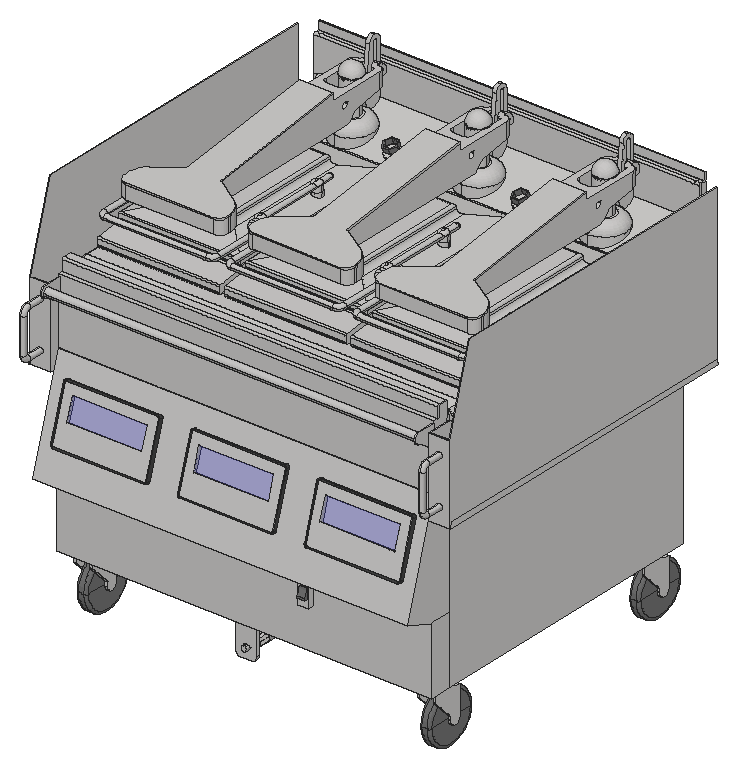
Revit family "QF_Garland_XPE36_cat", category Specialty Equipment, Revit 2014 (continued)
Definition of nested family "QF_Garland_Clamshell"
  Automatic sketch dimensions
    plane 21 "Inner Right Support" to Extrusion 3 sketch curve = 0.81"
    Extrusion 3 sketch curve to Extrusion 3 sketch curve = 0.39102"
    Extrusion 3 sketch curve to Extrusion 3 sketch curve = 0.13"
    Extrusion 3 sketch curve to plane 4 "RIGHT" = 0.10166"
    Extrusion 3 sketch curve to plane 12 "Middle Press" = 0.3668"  (x2)
    Extrusion 16 sketch curve to plane 23 "2a" = 0"  (x4)
    Extrusion 16 sketch curve to plane 21 "Inner Right Support" = 0"
    Extrusion 16 sketch curve to plane 20 "Inner Left Support" = 0"
    Extrusion 16 sketch curve to plane 22 "1a" = 0"  (x3)
    Extrusion 16 sketch curve to plane 11 "Inner Right" = 0.1"
    Extrusion 16 sketch curve to plane 11 "Inner Right" = 0.20095"
    Extrusion 16 sketch curve to Extrusion 16 sketch curve = 1"
    plane 10 "Inner Left" to Extrusion 16 sketch curve = 1.1"
    plane 10 "Inner Left" to Extrusion 16 sketch curve = 0.20095"
    plane 10 "Inner Left" to Extrusion 16 sketch curve = 0.1"
    plane 15 "1" to Extrusion 16 sketch curve = 1.33867"  (x2)
    Extrusion 16 sketch curve to Extrusion 16 sketch curve = 1.49045"  (x2)
    Extrusion 16 sketch curve to Extrusion 16 sketch curve = 0.25815"  (x2)
    Extrusion 16 sketch curve to Extrusion 16 sketch curve = 0"  (x4)
    Extrusion 17 sketch curve to Extrusion 17 sketch curve = 0"  (x11)
    plane 1 "BACK" to Extrusion 17 sketch curve = 0"  (x3)
    Extrusion 17 sketch curve to plane 21 "Inner Right Support" = 0"  (x2)
    Extrusion 17 sketch curve to plane 8 = 0"
    Extrusion 17 sketch curve to plane 7 "Support left" = 0"
    Extrusion 17 sketch curve to plane 20 "Inner Left Support" = 0"  (x2)
    Extrusion 17 sketch curve to plane 21 "Inner Right Support" = 0.59"  (x2)
    Extrusion 17 sketch curve to Extrusion 17 sketch curve = 0.065"  (x2)
    Extrusion 17 sketch curve to Extrusion 17 sketch curve = 0.13"  (x4)
    plane 8 to Extrusion 17 sketch curve = 0.59"
    plane 8 to Extrusion 17 sketch curve = 0.285"
    plane 8 to Extrusion 17 sketch curve = 0.13"
    plane 8 to Extrusion 17 sketch curve = 0.06523"
    Extrusion 17 sketch curve to plane 7 "Support left" = 0.06523"
    Extrusion 17 sketch curve to plane 7 "Support left" = 0.285"
    Extrusion 17 sketch curve to Extrusion 17 sketch curve = 0.46"
    Extrusion 17 sketch curve to plane 7 "Support left" = 0.655"
    plane 1 "BACK" to Extrusion 17 sketch curve = 0.87"
    Extrusion 17 sketch curve to Extrusion 17 sketch curve = 0.00082"  (x2)
    Extrusion 17 sketch curve to Extrusion 17 sketch curve = 0.12918"  (x2)
    Extrusion 17 sketch curve to Extrusion 17 sketch curve = 0.2518"  (x2)
    Extrusion 17 sketch curve to Extrusion 17 sketch curve = 0.71833"  (x2)
    Extrusion 17 sketch curve to plane 9 "Back of Press" = 0.89967"
    plane 12 "Middle Press" to Revolve 20 sketch curve = 0"  (x2)
    plane 18 "1c" to Revolve 20 sketch curve = 0"  (x2)
    Revolve 20 sketch curve to plane 9 "Back of Press" = 2.768"
    plane 13 "Top Tube" to Revolve 20 sketch curve = 0.10029"
    Revolve 20 sketch curve to Revolve 20 sketch curve = 1"
    Revolve 20 sketch curve to Revolve 20 sketch curve = 0"
    Extrusion 15 to Extrusion 25 sketch curve = 0"  (x2)
    Extrusion 25 sketch curve to Extrusion 15 = 0"
    Extrusion 15 to Extrusion 25 sketch curve = 3.34"
    Extrusion 25 sketch curve to Extrusion 15 = 13.34782"
    Extrusion 15 to Extrusion 25 sketch curve = 1.49838"  (x2)
    Extrusion 15 to Extrusion 25 sketch curve = 0.0003"
    Extrusion 15 to Extrusion 25 sketch curve = 1.01555"  (x2)
    Extrusion 15 to Extrusion 25 sketch curve = 0.75"  (x2)
    Extrusion 15 to Extrusion 25 sketch curve = 0.85605"  (x2)
    Extrusion 25 sketch curve to Extrusion 25 sketch curve = 3.12"
    Extrusion 15 to Extrusion 25 sketch curve = 1.7703"
    curve 10 to curve 21 = 0"  (x2)
    curve 13 to curve 27 = 0"  (x2)
    curve 17 to curve 18 = 0"  (x2)
    curve 17 to curve 35 = 0"  (x2)
    curve 7 to plane 4 "RIGHT" = 0"
    plane 6 "FRONT" to curve 5 = 0"
    curve 86 to plane 23 "2a" = 0"
    plane 15 "1" to curve 42 = 0"
    plane 14 "2" to curve 43 = 0"
    plane 6 "FRONT" to curve 4 = 0"
    curve 43 to plane 11 "Inner Right" = 0"
    curve 42 to plane 11 "Inner Right" = 0"
    curve 47 to plane 11 "Inner Right" = 0"
    curve 92 to plane 21 "Inner Right Support" = 0"
    plane 1 "BACK" to curve 16 = 0"
    curve 34 to plane 8 = 0"
    curve 70 to plane 3 "CNTR LR" = 0"
    curve 36 to plane 3 "CNTR LR" = 0"
    curve 31 to plane 7 "Support left" = 0"
    curve 92 to plane 20 "Inner Left Support" = 0"
    plane 14 "2" to curve 37 = 0"
    plane 15 "1" to curve 40 = 0"
    curve 40 to plane 10 "Inner Left" = 0"
    curve 38 to plane 10 "Inner Left" = 0"
    curve 61 to plane 10 "Inner Left" = 0"
    curve 88 to plane 22 "1a" = 0"
    plane 6 "FRONT" to curve 3 = 0"
    curve 3 to plane 5 "LEFT" = 0"
    plane 9 "Back of Press" to curve 9 = 0"
    plane 9 "Back of Press" to curve 82 = 0"
    curve 53 to plane 4 "RIGHT" = 0.15977"
    curve 48 to plane 4 "RIGHT" = 0.30622"
    plane 23 "2a" to curve 54 = 0.19023"
    plane 23 "2a" to curve 52 = 0.15828"
    plane 23 "2a" to curve 51 = 0.10507"
    plane 23 "2a" to curve 49 = 0.01183"
    plane 23 "2a" to curve 85 = 0.0028"
    curve 57 to plane 23 "2a" = 0.16938"
    curve 48 to plane 23 "2a" = 0.24848"
    curve 58 to curve 56 = 0.17234"
    plane 11 "Inner Right" to curve 55 = 0.30828"
    plane 11 "Inner Right" to curve 80 = 0.25507"
    plane 11 "Inner Right" to curve 46 = 0.25507"
    curve 51 to curve 50 = 0.01015"
    curve 87 to plane 11 "Inner Right" = 0.1"
    curve 49 to plane 11 "Inner Right" = 0.10863"
    curve 83 to plane 11 "Inner Right" = 0.20246"
    curve 79 to plane 11 "Inner Right" = 0.25507"
    curve 86 to curve 84 = 1.00159"
    curve 28 to plane 21 "Inner Right Support" = 0.59"
    curve 26 to plane 21 "Inner Right Support" = 0.59"
    curve 28 to curve 14 = 0.065"
    curve 26 to curve 13 = 0.13"
    curve 16 to curve 34 = 0.59"
    plane 8 to curve 24 = 0.285"
    plane 8 to curve 30 = 0.13"
    plane 8 to curve 29 = 0.06523"
    curve 20 to plane 7 "Support left" = 0.06523"
    curve 31 to plane 7 "Support left" = 0.13"
    curve 23 to plane 7 "Support left" = 0.285"
    curve 16 to plane 7 "Support left" = 0.59"
    curve 10 to plane 7 "Support left" = 0.655"
    curve 12 to curve 11 = 0.13"
    curve 11 to curve 19 = 0.065"
    curve 23 to curve 22 = 0.5"
    plane 10 "Inner Left" to curve 90 = 1.1"
    plane 10 "Inner Left" to curve 75 = 0.25507"
    plane 10 "Inner Left" to curve 59 = 0.25507"
    plane 10 "Inner Left" to curve 91 = 0.20095"
    plane 10 "Inner Left" to curve 63 = 0.10863"
    plane 10 "Inner Left" to curve 87 = 0.1"
    curve 64 to plane 10 "Inner Left" = 0.24493"
    curve 64 to curve 74 = 0.01015"
    curve 4 to plane 10 "Inner Left" = 0.30828"
    curve 69 to plane 10 "Inner Left" = 0.30828"
    curve 64 to curve 62 = 0.15659"
    plane 22 "1a" to curve 71 = 0.16938"
    plane 22 "1a" to curve 89 = 0.0003"
    curve 63 to plane 22 "1a" = 0.01183"
    curve 65 to plane 22 "1a" = 0.10507"
    curve 66 to plane 22 "1a" = 0.15828"
    curve 66 to curve 68 = 0.03195"
    plane 5 "LEFT" to curve 62 = 0.30622"
    plane 5 "LEFT" to curve 67 = 0.15977"
    plane 1 "BACK" to curve 31 = 0.87"
    curve 31 to curve 30 = 0"
    curve 31 to curve 12 = 0.00082"
    curve 30 to curve 15 = 0.00082"
    curve 11 to curve 19 = 0.12918"
    curve 14 to curve 28 = 0.12918"
    curve 30 to curve 29 = 0.2518"
    curve 31 to curve 20 = 0.2518"
    curve 20 to curve 32 = 0.5082"
    curve 32 to curve 10 = 0.08833"
    curve 33 to curve 27 = 0.08833"
    curve 33 to curve 36 = 1.43"
    curve 35 to curve 9 = 1.25156"
    curve 36 to curve 8 = 1.25156"
    curve 25 to plane 9 "Back of Press" = 0.89967"
    curve 45 to plane 14 "2" = 1.43964"
    curve 61 to curve 38 = 1.43964"
    plane 15 "1" to curve 65 = 0.77488"
    plane 15 "1" to curve 80 = 0.77488"
    curve 65 to curve 75 = 0.20387"
    curve 51 to curve 79 = 0.20387"
    plane 15 "1" to curve 82 = 1.33867"
    plane 15 "1" to curve 81 = 1.33867"
    curve 48 to curve 48 = 0.79226"
    curve 62 to curve 62 = 0.79226"
    curve 63 to curve 68 = 0.17148"
    curve 49 to curve 54 = 0.17148"
    curve 69 to curve 91 = 0.37279"
    curve 55 to curve 83 = 0.38019"
    curve 91 to curve 90 = 1.50141"
    curve 89 to curve 88 = 0.22584"
    curve 76 to curve 71 = 0.14039"
    curve 5 to plane 4 "RIGHT" = 0.25"
    curve 42 to plane 23 "2a" = 0.15"
    curve 43 to plane 23 "2a" = 0.15"
    plane 11 "Inner Right" to curve 78 = 0.25507"
    curve 77 to plane 11 "Inner Right" = 0.25507"
    curve 13 to plane 21 "Inner Right Support" = 0.00492"
    curve 36 to plane 21 "Inner Right Support" = 0.56"
    curve 28 to curve 27 = 0"
    curve 29 to curve 28 = 0"
    curve 20 to curve 31 = 0"
    curve 19 to curve 20 = 0"
    curve 10 to curve 11 = 0"
    curve 37 to curve 59 = 0.24493"
    curve 40 to curve 75 = 0.24493"
    plane 10 "Inner Left" to curve 72 = 0.25507"
    curve 73 to plane 10 "Inner Left" = 0.25507"
    plane 5 "LEFT" to curve 3 = 0.25"
    curve 92 to plane 17 = 0.1107"
    plane 14 "2" to curve 78 = 0.40449"
    plane 15 "1" to curve 75 = 0.40713"
    curve 88 to curve 89 = 0.02121"
    curve 86 to curve 85 = 0.02121"
    plane 19 "1b" to Extrusion 26 sketch curve = 0"
    Extrusion 26 sketch curve to plane 15 "1" = 0"
    Extrusion 26 sketch curve to plane 24 = 0"
    Extrusion 26 sketch curve to plane 6 "FRONT" = 1.328"
    Extrusion 26 sketch curve to Extrusion 26 sketch curve = 0.01571"
    Extrusion 26 sketch curve to plane 14 "2" = 2.47448"
    Extrusion 26 sketch curve to plane 17 = 0.09499"
    Extrusion 26 sketch curve to plane 17 = 0.1107"
    Extrusion 26 sketch curve to Extrusion 26 sketch curve = 0.25"
    plane 1 "BACK" to Extrusion 26 sketch curve = 1.30449"
    plane 1 "BACK" to Extrusion 26 sketch curve = 1.13"
    plane 1 "BACK" to Extrusion 26 sketch curve = 0.565"
    Extrusion 26 sketch curve to plane 19 "1b" = 1.25"
    Extrusion 26 sketch curve to Extrusion 26 sketch curve = 0.12905"
    Extrusion 26 sketch curve to Extrusion 26 sketch curve = 0.6"
    Extrusion 26 sketch curve to Extrusion 26 sketch curve = 1.635"
    radius of Extrusion 5 sketch curve = 0.5"  (x4)
    radius of Extrusion 5 sketch curve = 0.44"  (x4)
    radius of Extrusion 6 sketch curve = 0.44"  (x4)
    radius of Extrusion 6 sketch curve = 0.38"  (x4)
    radius of Sweep 11 sketch curve = 0.25"
    radius of Revolve 12 sketch curve to Sweep 11 = 0"
    radius of Revolve 13 sketch curve to Sweep 11 = 0"
    radius of Extrusion 14 sketch curve = 0.15"
    radius of Extrusion 14 sketch curve = 0.32822"
    radius of Extrusion 19 sketch curve = 0.12"
    radius of Extrusion 21 sketch curve = 0.75"
    radius of Extrusion 22 sketch curve = 1"
    radius of Revolve 23 sketch curve to Extrusion 22 = 0"
Definition of nested family "QF_Garland_Grease-Drawer-Flared"
  Parameters (values of type "QF_Garland_Grease-Drawer-Flared")
    Width = 2"
    Watermarked By = ""
    Height = 15"
    Description = ""
    Depth = 31.512"
  Reference planes (in)
    plane 1 "BACK": y = 0
    plane 2: z = 0
    plane 3 "LEFT": x = -16.56573
    plane 4: z = 15
    plane 5 "RIGHT": x = -14.56573
    plane 6 "FRONT": y = -31.512
    plane 7: z = 7.375
    plane 8 "CNTR LR": x = -15.56573
  Forms (in)
    Extrusion 1, solid, material "QF_Stainless-Polished-Brushed"
      sketch origin (-14.56573, 0, 0) x (0, 1, 0) y (0, 0, 1)
        loop
          line (-31.512, 0) -> (0, 0) -> (-0.15287, 0.5) -> (-31.35913, 0.5) -> (-31.512, 0)
      from 0 to 0.06
    Extrusion 2, solid, material "QF_Stainless-Polished-Brushed"
      sketch origin (0, 0, 0) x (1, 0, 0) y (0, 1, 0)
        loop
          line (-16.56573, 0) -> (-16.56573, -31.512) -> (-14.56573, -31.512) -> (-14.56573, 0) -> (-16.56573, 0)
        loop
          line (-16.43573, -0.13) -> (-16.43573, -31.382) -> (-14.69573, -31.382) -> (-14.69573, -0.13) -> (-16.43573, -0.13)
      from 0 to 7.375
    Extrusion 3, solid, material "QF_Stainless-Polished-Brushed"
      sketch origin (0, 0, 0) x (1, 0, 0) y (0, 1, 0)
        loop
          line (-16.43573, -0.13) -> (-16.43573, -31.382) -> (-14.69573, -31.382) -> (-14.69573, -0.13) -> (-16.43573, -0.13)
      from 0 to 0.13
    Sweep 4, solid, material "QF_Stainless-Polished-Brushed"
      path origin (-15.56573, 0, 0) x (0, 1, 0) y (0, 0, 1)
        loop
          line (-31.512, 1.5) -> (-33.012, 1.5)
          arc (-33.012, 1.5) -> (-33.36555, 1.64645) -> (-33.512, 2) r 0.5
          line (-33.512, 2) -> (-33.512, 5.375)
          arc (-33.512, 5.375) -> (-33.36555, 5.72855) -> (-33.012, 5.875) r 0.5
          line (-33.012, 5.875) -> (-31.512, 5.875)
      profile origin (-15.56573, -32.262, 1.5) x (0, 0, -1) y (1, 0, 0)
        loop
          circle (0, 0) r 0.25
    Extrusion 5, solid, material "QF_Stainless-Polished-Brushed"
      sketch origin (0, 0, 0) x (1, 0, 0) y (0, 0, 1)
        loop
          line (-14.56573, 7.375) -> (-13.35804, 15) -> (-13.48966, 15) -> (-14.69735, 7.375) -> (-14.56573, 7.375)
      from 0 to 31.512
    Extrusion 6, void
      sketch origin (-16.56573, 0, 0) x (0, 1, 0) y (0, 0, 1)
        loop
          line (-29.1808, 15) -> (-31.512, 15) -> (-31.512, 7.375) -> (-29.1808, 15)
      from 0 to 3.37134
  Cuts and joins
    Extrusion 6 cuts Extrusion 2
    Extrusion 6 cuts Extrusion 3
    joined: Extrusion 2, Extrusion 3
    Extrusion 6 cuts Extrusion 5
  Lines and regions (in)
    symbolic lines
      curve 1: line (-16.56573, 0, 0) -> (-13.35804, 0, 0)
      curve 2: line (-16.56573, -31.512, 0) -> (-16.56573, 0, 0)
      curve 3: line (-14.56573, -31.512, 0) -> (-16.56573, -31.512, 0)
      curve 8: line (-13.35804, -29.1808, 0) -> (-14.56573, -31.512, 0)
      curve 9: line (-13.35804, -29.1808, 0) -> (-13.35804, 0, 0)
    symbolic lines, style "QF_Details_Surface"
      curve 4: line (-14.56573, 0, 0) -> (-14.56573, -31.512, 0)
      curve 5: line (-15.31573, -31.512, 0) -> (-15.31573, -33.512, 0)
      curve 6: line (-15.81573, -31.512, 0) -> (-15.81573, -33.512, 0)
      curve 7: arc (-15.81573, -33.512, 0) -> (-15.56573, -33.762, 0) -> (-15.31573, -33.512, 0) r 0.25
      curve 10: line (-13.48966, 0, 0) -> (-13.48966, -29.1808, 0)
      curve 11: line (-14.56573, -31.25793, 0) -> (-13.48966, -29.1808, 0)
  Dimensions and locks (in)
    "Height": plane 4 to plane 2
    "Width": plane 3 "LEFT" to plane 5 "RIGHT"
    "Depth": plane 6 "FRONT" to plane 1 "BACK"
    locked: plane 7 to plane 2 at 7.375
    equal spacing: plane 3 "LEFT", plane 8 "CNTR LR", plane 5 "RIGHT"
    aligned and locked: level to plane 2
    aligned and locked: plane 1 "BACK" to Extrusion 2 sketch curve
    aligned and locked: plane 3 "LEFT" to Extrusion 2 sketch curve
    aligned and locked: plane 7 to Extrusion 2
    aligned and locked: Extrusion 3 sketch curve to Extrusion 2  (x4)
    aligned and locked: curve 1 to cut or joined group of Extrusion 2, Extrusion 3, Extrusion 6
    aligned and locked: curve 3 to cut or joined group of Extrusion 2, Extrusion 3, Extrusion 6
    aligned and locked: curve 4 to Extrusion 1
    aligned and locked: plane 6 "FRONT" to Extrusion 5
  Automatic sketch dimensions
    Extrusion 1 sketch curve to level = 0"
    Extrusion 1 sketch curve to plane 6 "FRONT" = 0"
    plane 1 "BACK" to Extrusion 1 sketch curve = 0.15287"
    Extrusion 1 sketch curve to plane 1 "BACK" = 0"
    Extrusion 1 sketch curve to plane 6 "FRONT" = 0.15287"
    level to Extrusion 1 sketch curve = 0.5"
    plane 3 "LEFT" to Extrusion 2 sketch curve = 0.13"
    Extrusion 2 sketch curve to plane 5 "RIGHT" = 0.13"
    Extrusion 2 sketch curve to plane 6 "FRONT" = 0.13"
    Extrusion 2 sketch curve to Extrusion 2 sketch curve = 0.13"
    Sweep 4 sketch curve to plane 8 "CNTR LR" = 0"
    Sweep 4 sketch curve to profile plane = 0"
    Sweep 4 sketch curve to plane 6 "FRONT" = 0"  (x2)
    plane 6 "FRONT" to Sweep 4 sketch curve = 1.5"
    Sweep 4 sketch curve to Sweep 4 sketch curve = 0.5"  (x2)
    level to Sweep 4 sketch curve = 1.5"
    Sweep 4 sketch curve to plane 7 = 2"
    Extrusion 5 sketch curve to plane 5 "RIGHT" = 0"
    Extrusion 5 sketch curve to plane 7 = 0"
    plane 5 "RIGHT" to Extrusion 5 sketch curve = 1.20768"
    Extrusion 5 sketch curve to plane 5 "RIGHT" = 0.13162"
    Extrusion 5 sketch curve to Extrusion 5 sketch curve = 0.13162"
    plane 4 to Extrusion 5 sketch curve = 0"
    Extrusion 6 sketch curve to plane 6 "FRONT" = 0"
    Extrusion 6 sketch curve to plane 4 = 0"
    Extrusion 6 sketch curve to plane 7 = 0"
    Extrusion 6 sketch curve to Extrusion 6 sketch curve = 2.3312"
    Extrusion 2 sketch curve to plane 5 "RIGHT" = 0"
    plane 6 "FRONT" to Extrusion 2 sketch curve = 0"
    curve 3 to plane 3 "LEFT" = 0"
    curve 7 to plane 8 "CNTR LR" = 0"
    curve 6 to plane 8 "CNTR LR" = 0.25"
    plane 5 "RIGHT" to curve 11 = 1.07606"
    curve 10 to curve 9 = 0.13162"
    plane 6 "FRONT" to curve 5 = 2"
    curve 10 to plane 6 "FRONT" = 2.3312"
    curve 10 to curve 8 = 0"
    curve 11 to plane 6 "FRONT" = 0.25407"
    radius of Sweep 4 sketch curve = 0.25"
